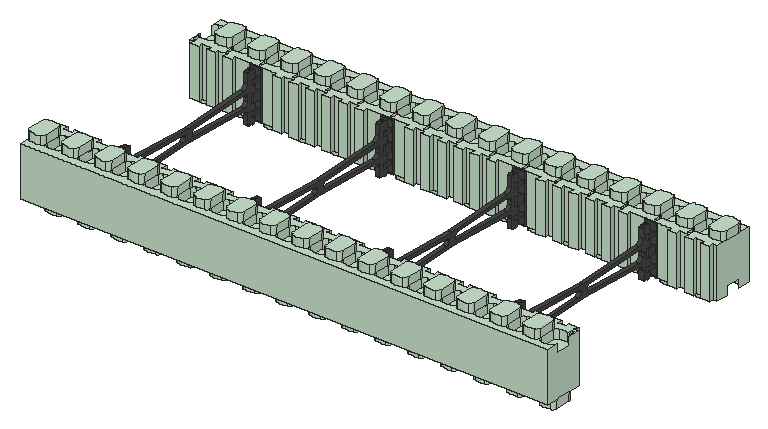
Revit family
Reference planes (in)
  plane 1 "Center (Front/Back)": y = 0
  plane 2: z = 0
  plane 3 "Center (Left/Right)": x = 0
  plane 4: y = 2.625
  plane 5: x = 32
  plane 6: z = 3
  plane 7: y = 12.625
  plane 8: y = 15.25
Forms (in)
  Extrusion 1, solid, material "NUDURA Expanded Polystyrene Foam Insulation"
    sketch origin (0, 0, 0) x (1, 0, 0) y (0, 1, 0)
      loop
        line (0, 2.375) -> (0, 0) -> (32, 0) -> (32, 2.375) -> (31.71883, 2.375) -> (31.78117, 2.625) -> (31.21883, 2.625) -> (31.28117, 2.375) -> (30.71883, 2.375) -> (30.78117, 2.625) -> (30.21883, 2.625) -> (30.28117, 2.375) -> (29.71883, 2.375) -> (29.78117, 2.625) -> (29.21883, 2.625) -> (29.28117, 2.375) -> (26.71883, 2.375) -> (26.78117, 2.625) -> (26.21883, 2.625) -> (26.28117, 2.375) -> (25.71883, 2.375) -> (25.78117, 2.625) -> (25.21883, 2.625) -> (25.28117, 2.375) -> (24.71883, 2.375) -> (24.78117, 2.625) -> (24.21883, 2.625) -> (24.28117, 2.375) -> (23.71883, 2.375) -> (23.78117, 2.625) -> (23.21883, 2.625) -> (23.28117, 2.375) -> (22.71883, 2.375) -> (22.78117, 2.625) -> (22.21883, 2.625) -> (22.28117, 2.375) -> (21.71883, 2.375) -> (21.78117, 2.625) -> (21.21883, 2.625) -> (21.28117, 2.375) -> (18.71883, 2.375) -> (18.78117, 2.625) -> (18.21883, 2.625) -> (18.28117, 2.375) -> (17.71883, 2.375) -> (17.78117, 2.625) -> (17.21883, 2.625) -> (17.28117, 2.375) -> (16.71883, 2.375) -> (16.78117, 2.625) -> (16.21883, 2.625) -> (16.28117, 2.375) -> (15.71883, 2.375) -> (15.78117, 2.625) -> (15.21883, 2.625) -> (15.28117, 2.375) -> (14.71883, 2.375) -> (14.78117, 2.625) -> (14.21883, 2.625) -> (14.28117, 2.375) -> (13.71883, 2.375) -> (13.78117, 2.625) -> (13.21883, 2.625) -> (13.28117, 2.375) -> (10.71883, 2.375) -> (10.78117, 2.625) -> (10.21883, 2.625) -> (10.28117, 2.375) -> (9.71883, 2.375) -> (9.78117, 2.625) -> (9.21883, 2.625) -> (9.28117, 2.375) -> (8.71883, 2.375) -> (8.78117, 2.625) -> (8.21883, 2.625) -> (8.28117, 2.375) -> (7.71883, 2.375) -> (7.78117, 2.625) -> (7.21883, 2.625) -> (7.28117, 2.375) -> (6.71883, 2.375) -> (6.78117, 2.625) -> (6.21883, 2.625) -> (6.28117, 2.375) -> (5.71883, 2.375) -> (5.78117, 2.625) -> (5.21883, 2.625) -> (5.28117, 2.375) -> (2.71883, 2.375) -> (2.78117, 2.625) -> (2.21883, 2.625) -> (2.28117, 2.375) -> (1.71883, 2.375) -> (1.78117, 2.625) -> (1.21883, 2.625) -> (1.28117, 2.375) -> (0.71883, 2.375) -> (0.78117, 2.625) -> (0.21883, 2.625) -> (0.28117, 2.375) -> (0, 2.375)
      loop
        line (0, 12.875) -> (0.28117, 12.875) -> (0.21883, 12.625) -> (0.78117, 12.625) -> (0.71883, 12.875) -> (1.28117, 12.875) -> (1.21883, 12.625) -> (1.78117, 12.625) -> (1.71883, 12.875) -> (2.28117, 12.875) -> (2.21883, 12.625) -> (2.78117, 12.625) -> (2.71883, 12.875) -> (5.28117, 12.875) -> (5.21883, 12.625) -> (5.78117, 12.625) -> (5.71883, 12.875) -> (6.28117, 12.875) -> (6.21883, 12.625) -> (6.78117, 12.625) -> (6.71883, 12.875) -> (7.28117, 12.875) -> (7.21883, 12.625) -> (7.78117, 12.625) -> (7.71883, 12.875) -> (8.28117, 12.875) -> (8.21883, 12.625) -> (8.78117, 12.625) -> (8.71883, 12.875) -> (9.28117, 12.875) -> (9.21883, 12.625) -> (9.78117, 12.625) -> (9.71883, 12.875) -> (10.28117, 12.875) -> (10.21883, 12.625) -> (10.78117, 12.625) -> (10.71883, 12.875) -> (13.28117, 12.875) -> (13.21883, 12.625) -> (13.78117, 12.625) -> (13.71883, 12.875) -> (14.28117, 12.875) -> (14.21883, 12.625) -> (14.78117, 12.625) -> (14.71883, 12.875) -> (15.28117, 12.875) -> (15.21883, 12.625) -> (15.78117, 12.625) -> (15.71883, 12.875) -> (16.28117, 12.875) -> (16.21883, 12.625) -> (16.78117, 12.625) -> (16.71883, 12.875) -> (17.28117, 12.875) -> (17.21883, 12.625) -> (17.78117, 12.625) -> (17.71883, 12.875) -> (18.28117, 12.875) -> (18.21883, 12.625) -> (18.78117, 12.625) -> (18.71883, 12.875) -> (21.28117, 12.875) -> (21.21883, 12.625) -> (21.78117, 12.625) -> (21.71883, 12.875) -> (22.28117, 12.875) -> (22.21883, 12.625) -> (22.78117, 12.625) -> (22.71883, 12.875) -> (23.28117, 12.875) -> (23.21883, 12.625) -> (23.78117, 12.625) -> (23.71883, 12.875) -> (24.28117, 12.875) -> (24.21883, 12.625) -> (24.78117, 12.625) -> (24.71883, 12.875) -> (25.28117, 12.875) -> (25.21883, 12.625) -> (25.78117, 12.625) -> (25.71883, 12.875) -> (26.28117, 12.875) -> (26.21883, 12.625) -> (26.78117, 12.625) -> (26.71883, 12.875) -> (29.28117, 12.875) -> (29.21883, 12.625) -> (29.78117, 12.625) -> (29.71883, 12.875) -> (30.28117, 12.875) -> (30.21883, 12.625) -> (30.78117, 12.625) -> (30.71883, 12.875) -> (31.28117, 12.875) -> (31.21883, 12.625) -> (31.78117, 12.625) -> (31.71883, 12.875) -> (32, 12.875) -> (32, 15.25) -> (0, 15.25) -> (0, 12.875)
    from 0 to 3
  Extrusion 2, void
    sketch origin (0, 0, 0) x (1, 0, 0) y (0, 1, 0)
      loop
        line (1.74592, 2.20655) -> (1.74592, 1.98495)
        arc (1.74592, 1.98495) -> (1.72385, 1.93729) -> (1.67323, 1.92328) r 0.0625
        arc (1.67323, 1.92328) -> (1.42092, 1.93455) -> (1.17308, 1.88595) r 1.0625
        arc (1.17308, 1.88595) -> (1.04785, 1.79517) -> (1, 1.64808) r 0.25
        line (1, 1.64808) -> (1, 0.72692)
        arc (1, 0.72692) -> (1.04785, 0.57983) -> (1.17308, 0.48905) r 0.25
        arc (1.17308, 0.48905) -> (1.5, 0.4375) -> (1.82692, 0.48905) r 1.0625
        arc (1.82692, 0.48905) -> (1.95215, 0.57983) -> (2, 0.72692) r 0.25
        line (2, 0.72692) -> (2, 1.64808)
        arc (2, 1.64808) -> (1.98276, 1.73932) -> (1.9334, 1.81798) r 0.25
        arc (1.9334, 1.81798) -> (1.92106, 1.83764) -> (1.91675, 1.86045) r 0.0625
        line (1.91675, 1.86045) -> (1.91675, 2.20655) -> (1.74592, 2.20655)
    from 3 to 2.5
  Extrusion 3, void
    sketch origin (2, 0, 0) x (1, 0, 0) y (0, 1, 0)
      loop
        line (1.74592, 2.20655) -> (1.74592, 1.98495)
        arc (1.74592, 1.98495) -> (1.72385, 1.93729) -> (1.67323, 1.92328) r 0.0625
        arc (1.67323, 1.92328) -> (1.42092, 1.93455) -> (1.17308, 1.88595) r 1.0625
        arc (1.17308, 1.88595) -> (1.04785, 1.79517) -> (1, 1.64808) r 0.25
        line (1, 1.64808) -> (1, 0.72692)
        arc (1, 0.72692) -> (1.04785, 0.57983) -> (1.17308, 0.48905) r 0.25
        arc (1.17308, 0.48905) -> (1.5, 0.4375) -> (1.82692, 0.48905) r 1.0625
        arc (1.82692, 0.48905) -> (1.95215, 0.57983) -> (2, 0.72692) r 0.25
        line (2, 0.72692) -> (2, 1.64808)
        arc (2, 1.64808) -> (1.98276, 1.73932) -> (1.9334, 1.81798) r 0.25
        arc (1.9334, 1.81798) -> (1.92106, 1.83764) -> (1.91675, 1.86045) r 0.0625
        line (1.91675, 1.86045) -> (1.91675, 2.20655) -> (1.74592, 2.20655)
    from 3 to 2.5
  Extrusion 4, void
    sketch origin (4, 0, 0) x (1, 0, 0) y (0, 1, 0)
      loop
        line (1.74592, 2.20655) -> (1.74592, 1.98495)
        arc (1.74592, 1.98495) -> (1.72385, 1.93729) -> (1.67323, 1.92328) r 0.0625
        arc (1.67323, 1.92328) -> (1.42092, 1.93455) -> (1.17308, 1.88595) r 1.0625
        arc (1.17308, 1.88595) -> (1.04785, 1.79517) -> (1, 1.64808) r 0.25
        line (1, 1.64808) -> (1, 0.72692)
        arc (1, 0.72692) -> (1.04785, 0.57983) -> (1.17308, 0.48905) r 0.25
        arc (1.17308, 0.48905) -> (1.5, 0.4375) -> (1.82692, 0.48905) r 1.0625
        arc (1.82692, 0.48905) -> (1.95215, 0.57983) -> (2, 0.72692) r 0.25
        line (2, 0.72692) -> (2, 1.64808)
        arc (2, 1.64808) -> (1.98276, 1.73932) -> (1.9334, 1.81798) r 0.25
        arc (1.9334, 1.81798) -> (1.92106, 1.83764) -> (1.91675, 1.86045) r 0.0625
        line (1.91675, 1.86045) -> (1.91675, 2.20655) -> (1.74592, 2.20655)
    from 3 to 2.5
  Extrusion 5, void
    sketch origin (6, 0, 0) x (1, 0, 0) y (0, 1, 0)
      loop
        line (1.74592, 2.20655) -> (1.74592, 1.98495)
        arc (1.74592, 1.98495) -> (1.72385, 1.93729) -> (1.67323, 1.92328) r 0.0625
        arc (1.67323, 1.92328) -> (1.42092, 1.93455) -> (1.17308, 1.88595) r 1.0625
        arc (1.17308, 1.88595) -> (1.04785, 1.79517) -> (1, 1.64808) r 0.25
        line (1, 1.64808) -> (1, 0.72692)
        arc (1, 0.72692) -> (1.04785, 0.57983) -> (1.17308, 0.48905) r 0.25
        arc (1.17308, 0.48905) -> (1.5, 0.4375) -> (1.82692, 0.48905) r 1.0625
        arc (1.82692, 0.48905) -> (1.95215, 0.57983) -> (2, 0.72692) r 0.25
        line (2, 0.72692) -> (2, 1.64808)
        arc (2, 1.64808) -> (1.98276, 1.73932) -> (1.9334, 1.81798) r 0.25
        arc (1.9334, 1.81798) -> (1.92106, 1.83764) -> (1.91675, 1.86045) r 0.0625
        line (1.91675, 1.86045) -> (1.91675, 2.20655) -> (1.74592, 2.20655)
    from 3 to 2.5
  Extrusion 6, void
    sketch origin (8, 0, 0) x (1, 0, 0) y (0, 1, 0)
      loop
        line (1.74592, 2.20655) -> (1.74592, 1.98495)
        arc (1.74592, 1.98495) -> (1.72385, 1.93729) -> (1.67323, 1.92328) r 0.0625
        arc (1.67323, 1.92328) -> (1.42092, 1.93455) -> (1.17308, 1.88595) r 1.0625
        arc (1.17308, 1.88595) -> (1.04785, 1.79517) -> (1, 1.64808) r 0.25
        line (1, 1.64808) -> (1, 0.72692)
        arc (1, 0.72692) -> (1.04785, 0.57983) -> (1.17308, 0.48905) r 0.25
        arc (1.17308, 0.48905) -> (1.5, 0.4375) -> (1.82692, 0.48905) r 1.0625
        arc (1.82692, 0.48905) -> (1.95215, 0.57983) -> (2, 0.72692) r 0.25
        line (2, 0.72692) -> (2, 1.64808)
        arc (2, 1.64808) -> (1.98276, 1.73932) -> (1.9334, 1.81798) r 0.25
        arc (1.9334, 1.81798) -> (1.92106, 1.83764) -> (1.91675, 1.86045) r 0.0625
        line (1.91675, 1.86045) -> (1.91675, 2.20655) -> (1.74592, 2.20655)
    from 3 to 2.5
  Extrusion 7, void
    sketch origin (10, 0, 0) x (1, 0, 0) y (0, 1, 0)
      loop
        line (1.74592, 2.20655) -> (1.74592, 1.98495)
        arc (1.74592, 1.98495) -> (1.72385, 1.93729) -> (1.67323, 1.92328) r 0.0625
        arc (1.67323, 1.92328) -> (1.42092, 1.93455) -> (1.17308, 1.88595) r 1.0625
        arc (1.17308, 1.88595) -> (1.04785, 1.79517) -> (1, 1.64808) r 0.25
        line (1, 1.64808) -> (1, 0.72692)
        arc (1, 0.72692) -> (1.04785, 0.57983) -> (1.17308, 0.48905) r 0.25
        arc (1.17308, 0.48905) -> (1.5, 0.4375) -> (1.82692, 0.48905) r 1.0625
        arc (1.82692, 0.48905) -> (1.95215, 0.57983) -> (2, 0.72692) r 0.25
        line (2, 0.72692) -> (2, 1.64808)
        arc (2, 1.64808) -> (1.98276, 1.73932) -> (1.9334, 1.81798) r 0.25
        arc (1.9334, 1.81798) -> (1.92106, 1.83764) -> (1.91675, 1.86045) r 0.0625
        line (1.91675, 1.86045) -> (1.91675, 2.20655) -> (1.74592, 2.20655)
    from 3 to 2.5
  Extrusion 8, void
    sketch origin (12, 0, 0) x (1, 0, 0) y (0, 1, 0)
      loop
        line (1.74592, 2.20655) -> (1.74592, 1.98495)
        arc (1.74592, 1.98495) -> (1.72385, 1.93729) -> (1.67323, 1.92328) r 0.0625
        arc (1.67323, 1.92328) -> (1.42092, 1.93455) -> (1.17308, 1.88595) r 1.0625
        arc (1.17308, 1.88595) -> (1.04785, 1.79517) -> (1, 1.64808) r 0.25
        line (1, 1.64808) -> (1, 0.72692)
        arc (1, 0.72692) -> (1.04785, 0.57983) -> (1.17308, 0.48905) r 0.25
        arc (1.17308, 0.48905) -> (1.5, 0.4375) -> (1.82692, 0.48905) r 1.0625
        arc (1.82692, 0.48905) -> (1.95215, 0.57983) -> (2, 0.72692) r 0.25
        line (2, 0.72692) -> (2, 1.64808)
        arc (2, 1.64808) -> (1.98276, 1.73932) -> (1.9334, 1.81798) r 0.25
        arc (1.9334, 1.81798) -> (1.92106, 1.83764) -> (1.91675, 1.86045) r 0.0625
        line (1.91675, 1.86045) -> (1.91675, 2.20655) -> (1.74592, 2.20655)
    from 3 to 2.5
  Extrusion 9, void
    sketch origin (14, 0, 0) x (1, 0, 0) y (0, 1, 0)
      loop
        line (1.74592, 2.20655) -> (1.74592, 1.98495)
        arc (1.74592, 1.98495) -> (1.72385, 1.93729) -> (1.67323, 1.92328) r 0.0625
        arc (1.67323, 1.92328) -> (1.42092, 1.93455) -> (1.17308, 1.88595) r 1.0625
        arc (1.17308, 1.88595) -> (1.04785, 1.79517) -> (1, 1.64808) r 0.25
        line (1, 1.64808) -> (1, 0.72692)
        arc (1, 0.72692) -> (1.04785, 0.57983) -> (1.17308, 0.48905) r 0.25
        arc (1.17308, 0.48905) -> (1.5, 0.4375) -> (1.82692, 0.48905) r 1.0625
        arc (1.82692, 0.48905) -> (1.95215, 0.57983) -> (2, 0.72692) r 0.25
        line (2, 0.72692) -> (2, 1.64808)
        arc (2, 1.64808) -> (1.98276, 1.73932) -> (1.9334, 1.81798) r 0.25
        arc (1.9334, 1.81798) -> (1.92106, 1.83764) -> (1.91675, 1.86045) r 0.0625
        line (1.91675, 1.86045) -> (1.91675, 2.20655) -> (1.74592, 2.20655)
    from 3 to 2.5
  Extrusion 10, void
    sketch origin (16, 0, 0) x (1, 0, 0) y (0, 1, 0)
      loop
        line (1.74592, 2.20655) -> (1.74592, 1.98495)
        arc (1.74592, 1.98495) -> (1.72385, 1.93729) -> (1.67323, 1.92328) r 0.0625
        arc (1.67323, 1.92328) -> (1.42092, 1.93455) -> (1.17308, 1.88595) r 1.0625
        arc (1.17308, 1.88595) -> (1.04785, 1.79517) -> (1, 1.64808) r 0.25
        line (1, 1.64808) -> (1, 0.72692)
        arc (1, 0.72692) -> (1.04785, 0.57983) -> (1.17308, 0.48905) r 0.25
        arc (1.17308, 0.48905) -> (1.5, 0.4375) -> (1.82692, 0.48905) r 1.0625
        arc (1.82692, 0.48905) -> (1.95215, 0.57983) -> (2, 0.72692) r 0.25
        line (2, 0.72692) -> (2, 1.64808)
        arc (2, 1.64808) -> (1.98276, 1.73932) -> (1.9334, 1.81798) r 0.25
        arc (1.9334, 1.81798) -> (1.92106, 1.83764) -> (1.91675, 1.86045) r 0.0625
        line (1.91675, 1.86045) -> (1.91675, 2.20655) -> (1.74592, 2.20655)
    from 3 to 2.5
  Extrusion 11, void
    sketch origin (18, 0, 0) x (1, 0, 0) y (0, 1, 0)
      loop
        line (1.74592, 2.20655) -> (1.74592, 1.98495)
        arc (1.74592, 1.98495) -> (1.72385, 1.93729) -> (1.67323, 1.92328) r 0.0625
        arc (1.67323, 1.92328) -> (1.42092, 1.93455) -> (1.17308, 1.88595) r 1.0625
        arc (1.17308, 1.88595) -> (1.04785, 1.79517) -> (1, 1.64808) r 0.25
        line (1, 1.64808) -> (1, 0.72692)
        arc (1, 0.72692) -> (1.04785, 0.57983) -> (1.17308, 0.48905) r 0.25
        arc (1.17308, 0.48905) -> (1.5, 0.4375) -> (1.82692, 0.48905) r 1.0625
        arc (1.82692, 0.48905) -> (1.95215, 0.57983) -> (2, 0.72692) r 0.25
        line (2, 0.72692) -> (2, 1.64808)
        arc (2, 1.64808) -> (1.98276, 1.73932) -> (1.9334, 1.81798) r 0.25
        arc (1.9334, 1.81798) -> (1.92106, 1.83764) -> (1.91675, 1.86045) r 0.0625
        line (1.91675, 1.86045) -> (1.91675, 2.20655) -> (1.74592, 2.20655)
    from 3 to 2.5
  Extrusion 12, void
    sketch origin (20, 0, 0) x (1, 0, 0) y (0, 1, 0)
      loop
        line (1.74592, 2.20655) -> (1.74592, 1.98495)
        arc (1.74592, 1.98495) -> (1.72385, 1.93729) -> (1.67323, 1.92328) r 0.0625
        arc (1.67323, 1.92328) -> (1.42092, 1.93455) -> (1.17308, 1.88595) r 1.0625
        arc (1.17308, 1.88595) -> (1.04785, 1.79517) -> (1, 1.64808) r 0.25
        line (1, 1.64808) -> (1, 0.72692)
        arc (1, 0.72692) -> (1.04785, 0.57983) -> (1.17308, 0.48905) r 0.25
        arc (1.17308, 0.48905) -> (1.5, 0.4375) -> (1.82692, 0.48905) r 1.0625
        arc (1.82692, 0.48905) -> (1.95215, 0.57983) -> (2, 0.72692) r 0.25
        line (2, 0.72692) -> (2, 1.64808)
        arc (2, 1.64808) -> (1.98276, 1.73932) -> (1.9334, 1.81798) r 0.25
        arc (1.9334, 1.81798) -> (1.92106, 1.83764) -> (1.91675, 1.86045) r 0.0625
        line (1.91675, 1.86045) -> (1.91675, 2.20655) -> (1.74592, 2.20655)
    from 3 to 2.5
  Extrusion 13, void
    sketch origin (22, 0, 0) x (1, 0, 0) y (0, 1, 0)
      loop
        line (1.74592, 2.20655) -> (1.74592, 1.98495)
        arc (1.74592, 1.98495) -> (1.72385, 1.93729) -> (1.67323, 1.92328) r 0.0625
        arc (1.67323, 1.92328) -> (1.42092, 1.93455) -> (1.17308, 1.88595) r 1.0625
        arc (1.17308, 1.88595) -> (1.04785, 1.79517) -> (1, 1.64808) r 0.25
        line (1, 1.64808) -> (1, 0.72692)
        arc (1, 0.72692) -> (1.04785, 0.57983) -> (1.17308, 0.48905) r 0.25
        arc (1.17308, 0.48905) -> (1.5, 0.4375) -> (1.82692, 0.48905) r 1.0625
        arc (1.82692, 0.48905) -> (1.95215, 0.57983) -> (2, 0.72692) r 0.25
        line (2, 0.72692) -> (2, 1.64808)
        arc (2, 1.64808) -> (1.98276, 1.73932) -> (1.9334, 1.81798) r 0.25
        arc (1.9334, 1.81798) -> (1.92106, 1.83764) -> (1.91675, 1.86045) r 0.0625
        line (1.91675, 1.86045) -> (1.91675, 2.20655) -> (1.74592, 2.20655)
    from 3 to 2.5
  Extrusion 14, void
    sketch origin (24, 0, 0) x (1, 0, 0) y (0, 1, 0)
      loop
        line (1.74592, 2.20655) -> (1.74592, 1.98495)
        arc (1.74592, 1.98495) -> (1.72385, 1.93729) -> (1.67323, 1.92328) r 0.0625
        arc (1.67323, 1.92328) -> (1.42092, 1.93455) -> (1.17308, 1.88595) r 1.0625
        arc (1.17308, 1.88595) -> (1.04785, 1.79517) -> (1, 1.64808) r 0.25
        line (1, 1.64808) -> (1, 0.72692)
        arc (1, 0.72692) -> (1.04785, 0.57983) -> (1.17308, 0.48905) r 0.25
        arc (1.17308, 0.48905) -> (1.5, 0.4375) -> (1.82692, 0.48905) r 1.0625
        arc (1.82692, 0.48905) -> (1.95215, 0.57983) -> (2, 0.72692) r 0.25
        line (2, 0.72692) -> (2, 1.64808)
        arc (2, 1.64808) -> (1.98276, 1.73932) -> (1.9334, 1.81798) r 0.25
        arc (1.9334, 1.81798) -> (1.92106, 1.83764) -> (1.91675, 1.86045) r 0.0625
        line (1.91675, 1.86045) -> (1.91675, 2.20655) -> (1.74592, 2.20655)
    from 3 to 2.5
  Extrusion 15, void
    sketch origin (26, 0, 0) x (1, 0, 0) y (0, 1, 0)
      loop
        line (1.74592, 2.20655) -> (1.74592, 1.98495)
        arc (1.74592, 1.98495) -> (1.72385, 1.93729) -> (1.67323, 1.92328) r 0.0625
        arc (1.67323, 1.92328) -> (1.42092, 1.93455) -> (1.17308, 1.88595) r 1.0625
        arc (1.17308, 1.88595) -> (1.04785, 1.79517) -> (1, 1.64808) r 0.25
        line (1, 1.64808) -> (1, 0.72692)
        arc (1, 0.72692) -> (1.04785, 0.57983) -> (1.17308, 0.48905) r 0.25
        arc (1.17308, 0.48905) -> (1.5, 0.4375) -> (1.82692, 0.48905) r 1.0625
        arc (1.82692, 0.48905) -> (1.95215, 0.57983) -> (2, 0.72692) r 0.25
        line (2, 0.72692) -> (2, 1.64808)
        arc (2, 1.64808) -> (1.98276, 1.73932) -> (1.9334, 1.81798) r 0.25
        arc (1.9334, 1.81798) -> (1.92106, 1.83764) -> (1.91675, 1.86045) r 0.0625
        line (1.91675, 1.86045) -> (1.91675, 2.20655) -> (1.74592, 2.20655)
    from 3 to 2.5
  Extrusion 16, void
    sketch origin (28, 0, 0) x (1, 0, 0) y (0, 1, 0)
      loop
        line (1.74592, 2.20655) -> (1.74592, 1.98495)
        arc (1.74592, 1.98495) -> (1.72385, 1.93729) -> (1.67323, 1.92328) r 0.0625
        arc (1.67323, 1.92328) -> (1.42092, 1.93455) -> (1.17308, 1.88595) r 1.0625
        arc (1.17308, 1.88595) -> (1.04785, 1.79517) -> (1, 1.64808) r 0.25
        line (1, 1.64808) -> (1, 0.72692)
        arc (1, 0.72692) -> (1.04785, 0.57983) -> (1.17308, 0.48905) r 0.25
        arc (1.17308, 0.48905) -> (1.5, 0.4375) -> (1.82692, 0.48905) r 1.0625
        arc (1.82692, 0.48905) -> (1.95215, 0.57983) -> (2, 0.72692) r 0.25
        line (2, 0.72692) -> (2, 1.64808)
        arc (2, 1.64808) -> (1.98276, 1.73932) -> (1.9334, 1.81798) r 0.25
        arc (1.9334, 1.81798) -> (1.92106, 1.83764) -> (1.91675, 1.86045) r 0.0625
        line (1.91675, 1.86045) -> (1.91675, 2.20655) -> (1.74592, 2.20655)
    from 3 to 2.5
  Extrusion 17, void
    sketch origin (30, 0, 0) x (1, 0, 0) y (0, 1, 0)
      loop
        line (1.74592, 2.20655) -> (1.74592, 1.98495)
        arc (1.74592, 1.98495) -> (1.72385, 1.93729) -> (1.67323, 1.92328) r 0.0625
        arc (1.67323, 1.92328) -> (1.42092, 1.93455) -> (1.17308, 1.88595) r 1.0625
        arc (1.17308, 1.88595) -> (1.04785, 1.79517) -> (1, 1.64808) r 0.25
        line (1, 1.64808) -> (1, 0.72692)
        arc (1, 0.72692) -> (1.04785, 0.57983) -> (1.17308, 0.48905) r 0.25
        arc (1.17308, 0.48905) -> (1.5, 0.4375) -> (1.82692, 0.48905) r 1.0625
        arc (1.82692, 0.48905) -> (1.95215, 0.57983) -> (2, 0.72692) r 0.25
        line (2, 0.72692) -> (2, 1.64808)
        arc (2, 1.64808) -> (1.98276, 1.73932) -> (1.9334, 1.81798) r 0.25
        arc (1.9334, 1.81798) -> (1.92106, 1.83764) -> (1.91675, 1.86045) r 0.0625
        line (1.91675, 1.86045) -> (1.91675, 2.20655) -> (1.74592, 2.20655)
    from 3 to 2.5
  Extrusion 18, void
    sketch origin (0, 0, 0) x (1, 0, 0) y (0, 1, 0)
      loop
        line (0.25408, 2.20655) -> (0.08325, 2.20655) -> (0.08325, 1.86045)
        arc (0.08325, 1.86045) -> (0.07894, 1.83764) -> (0.0666, 1.81798) r 0.0625
        arc (0.0666, 1.81798) -> (0.01724, 1.73932) -> (0, 1.64808) r 0.25
        line (0, 1.64808) -> (0, 0.72692)
        arc (0, 0.72692) -> (0.04785, 0.57983) -> (0.17308, 0.48905) r 0.25
        arc (0.17308, 0.48905) -> (0.5, 0.4375) -> (0.82692, 0.48905) r 1.0625
        arc (0.82692, 0.48905) -> (0.95215, 0.57983) -> (1, 0.72692) r 0.25
        line (1, 0.72692) -> (1, 1.64808)
        arc (1, 1.64808) -> (0.95215, 1.79517) -> (0.82692, 1.88595) r 0.25
        arc (0.82692, 1.88595) -> (0.57908, 1.93455) -> (0.32677, 1.92328) r 1.0625
        arc (0.32677, 1.92328) -> (0.27615, 1.93729) -> (0.25408, 1.98495) r 0.0625
        line (0.25408, 1.98495) -> (0.25408, 2.20655)
    from 0 to 0.5
  Extrusion 19, void
    sketch origin (2, 0, 0) x (1, 0, 0) y (0, 1, 0)
      loop
        line (0.25408, 2.20655) -> (0.08325, 2.20655) -> (0.08325, 1.86045)
        arc (0.08325, 1.86045) -> (0.07894, 1.83764) -> (0.0666, 1.81798) r 0.0625
        arc (0.0666, 1.81798) -> (0.01724, 1.73932) -> (0, 1.64808) r 0.25
        line (0, 1.64808) -> (0, 0.72692)
        arc (0, 0.72692) -> (0.04785, 0.57983) -> (0.17308, 0.48905) r 0.25
        arc (0.17308, 0.48905) -> (0.5, 0.4375) -> (0.82692, 0.48905) r 1.0625
        arc (0.82692, 0.48905) -> (0.95215, 0.57983) -> (1, 0.72692) r 0.25
        line (1, 0.72692) -> (1, 1.64808)
        arc (1, 1.64808) -> (0.95215, 1.79517) -> (0.82692, 1.88595) r 0.25
        arc (0.82692, 1.88595) -> (0.57908, 1.93455) -> (0.32677, 1.92328) r 1.0625
        arc (0.32677, 1.92328) -> (0.27615, 1.93729) -> (0.25408, 1.98495) r 0.0625
        line (0.25408, 1.98495) -> (0.25408, 2.20655)
    from 0 to 0.5
  Extrusion 20, void
    sketch origin (4, 0, 0) x (1, 0, 0) y (0, 1, 0)
      loop
        line (0.25408, 2.20655) -> (0.08325, 2.20655) -> (0.08325, 1.86045)
        arc (0.08325, 1.86045) -> (0.07894, 1.83764) -> (0.0666, 1.81798) r 0.0625
        arc (0.0666, 1.81798) -> (0.01724, 1.73932) -> (0, 1.64808) r 0.25
        line (0, 1.64808) -> (0, 0.72692)
        arc (0, 0.72692) -> (0.04785, 0.57983) -> (0.17308, 0.48905) r 0.25
        arc (0.17308, 0.48905) -> (0.5, 0.4375) -> (0.82692, 0.48905) r 1.0625
        arc (0.82692, 0.48905) -> (0.95215, 0.57983) -> (1, 0.72692) r 0.25
        line (1, 0.72692) -> (1, 1.64808)
        arc (1, 1.64808) -> (0.95215, 1.79517) -> (0.82692, 1.88595) r 0.25
        arc (0.82692, 1.88595) -> (0.57908, 1.93455) -> (0.32677, 1.92328) r 1.0625
        arc (0.32677, 1.92328) -> (0.27615, 1.93729) -> (0.25408, 1.98495) r 0.0625
        line (0.25408, 1.98495) -> (0.25408, 2.20655)
    from 0 to 0.5
  Extrusion 21, void
    sketch origin (6, 0, 0) x (1, 0, 0) y (0, 1, 0)
      loop
        line (0.25408, 2.20655) -> (0.08325, 2.20655) -> (0.08325, 1.86045)
        arc (0.08325, 1.86045) -> (0.07894, 1.83764) -> (0.0666, 1.81798) r 0.0625
        arc (0.0666, 1.81798) -> (0.01724, 1.73932) -> (0, 1.64808) r 0.25
        line (0, 1.64808) -> (0, 0.72692)
        arc (0, 0.72692) -> (0.04785, 0.57983) -> (0.17308, 0.48905) r 0.25
        arc (0.17308, 0.48905) -> (0.5, 0.4375) -> (0.82692, 0.48905) r 1.0625
        arc (0.82692, 0.48905) -> (0.95215, 0.57983) -> (1, 0.72692) r 0.25
        line (1, 0.72692) -> (1, 1.64808)
        arc (1, 1.64808) -> (0.95215, 1.79517) -> (0.82692, 1.88595) r 0.25
        arc (0.82692, 1.88595) -> (0.57908, 1.93455) -> (0.32677, 1.92328) r 1.0625
        arc (0.32677, 1.92328) -> (0.27615, 1.93729) -> (0.25408, 1.98495) r 0.0625
        line (0.25408, 1.98495) -> (0.25408, 2.20655)
    from 0 to 0.5
  Extrusion 22, void
    sketch origin (8, 0, 0) x (1, 0, 0) y (0, 1, 0)
      loop
        line (0.25408, 2.20655) -> (0.08325, 2.20655) -> (0.08325, 1.86045)
        arc (0.08325, 1.86045) -> (0.07894, 1.83764) -> (0.0666, 1.81798) r 0.0625
        arc (0.0666, 1.81798) -> (0.01724, 1.73932) -> (0, 1.64808) r 0.25
        line (0, 1.64808) -> (0, 0.72692)
        arc (0, 0.72692) -> (0.04785, 0.57983) -> (0.17308, 0.48905) r 0.25
        arc (0.17308, 0.48905) -> (0.5, 0.4375) -> (0.82692, 0.48905) r 1.0625
        arc (0.82692, 0.48905) -> (0.95215, 0.57983) -> (1, 0.72692) r 0.25
        line (1, 0.72692) -> (1, 1.64808)
        arc (1, 1.64808) -> (0.95215, 1.79517) -> (0.82692, 1.88595) r 0.25
        arc (0.82692, 1.88595) -> (0.57908, 1.93455) -> (0.32677, 1.92328) r 1.0625
        arc (0.32677, 1.92328) -> (0.27615, 1.93729) -> (0.25408, 1.98495) r 0.0625
        line (0.25408, 1.98495) -> (0.25408, 2.20655)
    from 0 to 0.5
  Extrusion 23, void
    sketch origin (10, 0, 0) x (1, 0, 0) y (0, 1, 0)
      loop
        line (0.25408, 2.20655) -> (0.08325, 2.20655) -> (0.08325, 1.86045)
        arc (0.08325, 1.86045) -> (0.07894, 1.83764) -> (0.0666, 1.81798) r 0.0625
        arc (0.0666, 1.81798) -> (0.01724, 1.73932) -> (0, 1.64808) r 0.25
        line (0, 1.64808) -> (0, 0.72692)
        arc (0, 0.72692) -> (0.04785, 0.57983) -> (0.17308, 0.48905) r 0.25
        arc (0.17308, 0.48905) -> (0.5, 0.4375) -> (0.82692, 0.48905) r 1.0625
        arc (0.82692, 0.48905) -> (0.95215, 0.57983) -> (1, 0.72692) r 0.25
        line (1, 0.72692) -> (1, 1.64808)
        arc (1, 1.64808) -> (0.95215, 1.79517) -> (0.82692, 1.88595) r 0.25
        arc (0.82692, 1.88595) -> (0.57908, 1.93455) -> (0.32677, 1.92328) r 1.0625
        arc (0.32677, 1.92328) -> (0.27615, 1.93729) -> (0.25408, 1.98495) r 0.0625
        line (0.25408, 1.98495) -> (0.25408, 2.20655)
    from 0 to 0.5
  Extrusion 24, void
    sketch origin (12, 0, 0) x (1, 0, 0) y (0, 1, 0)
      loop
        line (0.25408, 2.20655) -> (0.08325, 2.20655) -> (0.08325, 1.86045)
        arc (0.08325, 1.86045) -> (0.07894, 1.83764) -> (0.0666, 1.81798) r 0.0625
        arc (0.0666, 1.81798) -> (0.01724, 1.73932) -> (0, 1.64808) r 0.25
        line (0, 1.64808) -> (0, 0.72692)
        arc (0, 0.72692) -> (0.04785, 0.57983) -> (0.17308, 0.48905) r 0.25
        arc (0.17308, 0.48905) -> (0.5, 0.4375) -> (0.82692, 0.48905) r 1.0625
        arc (0.82692, 0.48905) -> (0.95215, 0.57983) -> (1, 0.72692) r 0.25
        line (1, 0.72692) -> (1, 1.64808)
        arc (1, 1.64808) -> (0.95215, 1.79517) -> (0.82692, 1.88595) r 0.25
        arc (0.82692, 1.88595) -> (0.57908, 1.93455) -> (0.32677, 1.92328) r 1.0625
        arc (0.32677, 1.92328) -> (0.27615, 1.93729) -> (0.25408, 1.98495) r 0.0625
        line (0.25408, 1.98495) -> (0.25408, 2.20655)
    from 0 to 0.5
  Extrusion 25, void
    sketch origin (14, 0, 0) x (1, 0, 0) y (0, 1, 0)
      loop
        line (0.25408, 2.20655) -> (0.08325, 2.20655) -> (0.08325, 1.86045)
        arc (0.08325, 1.86045) -> (0.07894, 1.83764) -> (0.0666, 1.81798) r 0.0625
        arc (0.0666, 1.81798) -> (0.01724, 1.73932) -> (0, 1.64808) r 0.25
        line (0, 1.64808) -> (0, 0.72692)
        arc (0, 0.72692) -> (0.04785, 0.57983) -> (0.17308, 0.48905) r 0.25
        arc (0.17308, 0.48905) -> (0.5, 0.4375) -> (0.82692, 0.48905) r 1.0625
        arc (0.82692, 0.48905) -> (0.95215, 0.57983) -> (1, 0.72692) r 0.25
        line (1, 0.72692) -> (1, 1.64808)
        arc (1, 1.64808) -> (0.95215, 1.79517) -> (0.82692, 1.88595) r 0.25
        arc (0.82692, 1.88595) -> (0.57908, 1.93455) -> (0.32677, 1.92328) r 1.0625
        arc (0.32677, 1.92328) -> (0.27615, 1.93729) -> (0.25408, 1.98495) r 0.0625
        line (0.25408, 1.98495) -> (0.25408, 2.20655)
    from 0 to 0.5
  Extrusion 26, void
    sketch origin (16, 0, 0) x (1, 0, 0) y (0, 1, 0)
      loop
        line (0.25408, 2.20655) -> (0.08325, 2.20655) -> (0.08325, 1.86045)
        arc (0.08325, 1.86045) -> (0.07894, 1.83764) -> (0.0666, 1.81798) r 0.0625
        arc (0.0666, 1.81798) -> (0.01724, 1.73932) -> (0, 1.64808) r 0.25
        line (0, 1.64808) -> (0, 0.72692)
        arc (0, 0.72692) -> (0.04785, 0.57983) -> (0.17308, 0.48905) r 0.25
        arc (0.17308, 0.48905) -> (0.5, 0.4375) -> (0.82692, 0.48905) r 1.0625
        arc (0.82692, 0.48905) -> (0.95215, 0.57983) -> (1, 0.72692) r 0.25
        line (1, 0.72692) -> (1, 1.64808)
        arc (1, 1.64808) -> (0.95215, 1.79517) -> (0.82692, 1.88595) r 0.25
        arc (0.82692, 1.88595) -> (0.57908, 1.93455) -> (0.32677, 1.92328) r 1.0625
        arc (0.32677, 1.92328) -> (0.27615, 1.93729) -> (0.25408, 1.98495) r 0.0625
        line (0.25408, 1.98495) -> (0.25408, 2.20655)
    from 0 to 0.5
  Extrusion 27, void
    sketch origin (18, 0, 0) x (1, 0, 0) y (0, 1, 0)
      loop
        line (0.25408, 2.20655) -> (0.08325, 2.20655) -> (0.08325, 1.86045)
        arc (0.08325, 1.86045) -> (0.07894, 1.83764) -> (0.0666, 1.81798) r 0.0625
        arc (0.0666, 1.81798) -> (0.01724, 1.73932) -> (0, 1.64808) r 0.25
        line (0, 1.64808) -> (0, 0.72692)
        arc (0, 0.72692) -> (0.04785, 0.57983) -> (0.17308, 0.48905) r 0.25
        arc (0.17308, 0.48905) -> (0.5, 0.4375) -> (0.82692, 0.48905) r 1.0625
        arc (0.82692, 0.48905) -> (0.95215, 0.57983) -> (1, 0.72692) r 0.25
        line (1, 0.72692) -> (1, 1.64808)
        arc (1, 1.64808) -> (0.95215, 1.79517) -> (0.82692, 1.88595) r 0.25
        arc (0.82692, 1.88595) -> (0.57908, 1.93455) -> (0.32677, 1.92328) r 1.0625
        arc (0.32677, 1.92328) -> (0.27615, 1.93729) -> (0.25408, 1.98495) r 0.0625
        line (0.25408, 1.98495) -> (0.25408, 2.20655)
    from 0 to 0.5
  Extrusion 28, void
    sketch origin (20, 0, 0) x (1, 0, 0) y (0, 1, 0)
      loop
        line (0.25408, 2.20655) -> (0.08325, 2.20655) -> (0.08325, 1.86045)
        arc (0.08325, 1.86045) -> (0.07894, 1.83764) -> (0.0666, 1.81798) r 0.0625
        arc (0.0666, 1.81798) -> (0.01724, 1.73932) -> (0, 1.64808) r 0.25
        line (0, 1.64808) -> (0, 0.72692)
        arc (0, 0.72692) -> (0.04785, 0.57983) -> (0.17308, 0.48905) r 0.25
        arc (0.17308, 0.48905) -> (0.5, 0.4375) -> (0.82692, 0.48905) r 1.0625
        arc (0.82692, 0.48905) -> (0.95215, 0.57983) -> (1, 0.72692) r 0.25
        line (1, 0.72692) -> (1, 1.64808)
        arc (1, 1.64808) -> (0.95215, 1.79517) -> (0.82692, 1.88595) r 0.25
        arc (0.82692, 1.88595) -> (0.57908, 1.93455) -> (0.32677, 1.92328) r 1.0625
        arc (0.32677, 1.92328) -> (0.27615, 1.93729) -> (0.25408, 1.98495) r 0.0625
        line (0.25408, 1.98495) -> (0.25408, 2.20655)
    from 0 to 0.5
  Extrusion 29, void
    sketch origin (22, 0, 0) x (1, 0, 0) y (0, 1, 0)
      loop
        line (0.25408, 2.20655) -> (0.08325, 2.20655) -> (0.08325, 1.86045)
        arc (0.08325, 1.86045) -> (0.07894, 1.83764) -> (0.0666, 1.81798) r 0.0625
        arc (0.0666, 1.81798) -> (0.01724, 1.73932) -> (0, 1.64808) r 0.25
        line (0, 1.64808) -> (0, 0.72692)
        arc (0, 0.72692) -> (0.04785, 0.57983) -> (0.17308, 0.48905) r 0.25
        arc (0.17308, 0.48905) -> (0.5, 0.4375) -> (0.82692, 0.48905) r 1.0625
        arc (0.82692, 0.48905) -> (0.95215, 0.57983) -> (1, 0.72692) r 0.25
        line (1, 0.72692) -> (1, 1.64808)
        arc (1, 1.64808) -> (0.95215, 1.79517) -> (0.82692, 1.88595) r 0.25
        arc (0.82692, 1.88595) -> (0.57908, 1.93455) -> (0.32677, 1.92328) r 1.0625
        arc (0.32677, 1.92328) -> (0.27615, 1.93729) -> (0.25408, 1.98495) r 0.0625
        line (0.25408, 1.98495) -> (0.25408, 2.20655)
    from 0 to 0.5
  Extrusion 30, void
    sketch origin (24, 0, 0) x (1, 0, 0) y (0, 1, 0)
      loop
        line (0.25408, 2.20655) -> (0.08325, 2.20655) -> (0.08325, 1.86045)
        arc (0.08325, 1.86045) -> (0.07894, 1.83764) -> (0.0666, 1.81798) r 0.0625
        arc (0.0666, 1.81798) -> (0.01724, 1.73932) -> (0, 1.64808) r 0.25
        line (0, 1.64808) -> (0, 0.72692)
        arc (0, 0.72692) -> (0.04785, 0.57983) -> (0.17308, 0.48905) r 0.25
        arc (0.17308, 0.48905) -> (0.5, 0.4375) -> (0.82692, 0.48905) r 1.0625
        arc (0.82692, 0.48905) -> (0.95215, 0.57983) -> (1, 0.72692) r 0.25
        line (1, 0.72692) -> (1, 1.64808)
        arc (1, 1.64808) -> (0.95215, 1.79517) -> (0.82692, 1.88595) r 0.25
        arc (0.82692, 1.88595) -> (0.57908, 1.93455) -> (0.32677, 1.92328) r 1.0625
        arc (0.32677, 1.92328) -> (0.27615, 1.93729) -> (0.25408, 1.98495) r 0.0625
        line (0.25408, 1.98495) -> (0.25408, 2.20655)
    from 0 to 0.5
  Extrusion 31, void
    sketch origin (26, 0, 0) x (1, 0, 0) y (0, 1, 0)
      loop
        line (0.25408, 2.20655) -> (0.08325, 2.20655) -> (0.08325, 1.86045)
        arc (0.08325, 1.86045) -> (0.07894, 1.83764) -> (0.0666, 1.81798) r 0.0625
        arc (0.0666, 1.81798) -> (0.01724, 1.73932) -> (0, 1.64808) r 0.25
        line (0, 1.64808) -> (0, 0.72692)
        arc (0, 0.72692) -> (0.04785, 0.57983) -> (0.17308, 0.48905) r 0.25
        arc (0.17308, 0.48905) -> (0.5, 0.4375) -> (0.82692, 0.48905) r 1.0625
        arc (0.82692, 0.48905) -> (0.95215, 0.57983) -> (1, 0.72692) r 0.25
        line (1, 0.72692) -> (1, 1.64808)
        arc (1, 1.64808) -> (0.95215, 1.79517) -> (0.82692, 1.88595) r 0.25
        arc (0.82692, 1.88595) -> (0.57908, 1.93455) -> (0.32677, 1.92328) r 1.0625
        arc (0.32677, 1.92328) -> (0.27615, 1.93729) -> (0.25408, 1.98495) r 0.0625
        line (0.25408, 1.98495) -> (0.25408, 2.20655)
    from 0 to 0.5
  Extrusion 32, void
    sketch origin (28, 0, 0) x (1, 0, 0) y (0, 1, 0)
      loop
        line (0.25408, 2.20655) -> (0.08325, 2.20655) -> (0.08325, 1.86045)
        arc (0.08325, 1.86045) -> (0.07894, 1.83764) -> (0.0666, 1.81798) r 0.0625
        arc (0.0666, 1.81798) -> (0.01724, 1.73932) -> (0, 1.64808) r 0.25
        line (0, 1.64808) -> (0, 0.72692)
        arc (0, 0.72692) -> (0.04785, 0.57983) -> (0.17308, 0.48905) r 0.25
        arc (0.17308, 0.48905) -> (0.5, 0.4375) -> (0.82692, 0.48905) r 1.0625
        arc (0.82692, 0.48905) -> (0.95215, 0.57983) -> (1, 0.72692) r 0.25
        line (1, 0.72692) -> (1, 1.64808)
        arc (1, 1.64808) -> (0.95215, 1.79517) -> (0.82692, 1.88595) r 0.25
        arc (0.82692, 1.88595) -> (0.57908, 1.93455) -> (0.32677, 1.92328) r 1.0625
        arc (0.32677, 1.92328) -> (0.27615, 1.93729) -> (0.25408, 1.98495) r 0.0625
        line (0.25408, 1.98495) -> (0.25408, 2.20655)
    from 0 to 0.5
  Extrusion 33, void
    sketch origin (30, 0, 0) x (1, 0, 0) y (0, 1, 0)
      loop
        line (0.25408, 2.20655) -> (0.08325, 2.20655) -> (0.08325, 1.86045)
        arc (0.08325, 1.86045) -> (0.07894, 1.83764) -> (0.0666, 1.81798) r 0.0625
        arc (0.0666, 1.81798) -> (0.01724, 1.73932) -> (0, 1.64808) r 0.25
        line (0, 1.64808) -> (0, 0.72692)
        arc (0, 0.72692) -> (0.04785, 0.57983) -> (0.17308, 0.48905) r 0.25
        arc (0.17308, 0.48905) -> (0.5, 0.4375) -> (0.82692, 0.48905) r 1.0625
        arc (0.82692, 0.48905) -> (0.95215, 0.57983) -> (1, 0.72692) r 0.25
        line (1, 0.72692) -> (1, 1.64808)
        arc (1, 1.64808) -> (0.95215, 1.79517) -> (0.82692, 1.88595) r 0.25
        arc (0.82692, 1.88595) -> (0.57908, 1.93455) -> (0.32677, 1.92328) r 1.0625
        arc (0.32677, 1.92328) -> (0.27615, 1.93729) -> (0.25408, 1.98495) r 0.0625
        line (0.25408, 1.98495) -> (0.25408, 2.20655)
    from 0 to 0.5
  Extrusion 34, void
    sketch origin (32, 15.25, 0) x (-1, 0, 0) y (0, -1, 0)
      loop
        line (1.74592, 2.20655) -> (1.74592, 1.98495)
        arc (1.74592, 1.98495) -> (1.72385, 1.93729) -> (1.67323, 1.92328) r 0.0625
        arc (1.67323, 1.92328) -> (1.42092, 1.93455) -> (1.17308, 1.88595) r 1.0625
        arc (1.17308, 1.88595) -> (1.04785, 1.79517) -> (1, 1.64808) r 0.25
        line (1, 1.64808) -> (1, 0.72692)
        arc (1, 0.72692) -> (1.04785, 0.57983) -> (1.17308, 0.48905) r 0.25
        arc (1.17308, 0.48905) -> (1.5, 0.4375) -> (1.82692, 0.48905) r 1.0625
        arc (1.82692, 0.48905) -> (1.95215, 0.57983) -> (2, 0.72692) r 0.25
        line (2, 0.72692) -> (2, 1.64808)
        arc (2, 1.64808) -> (1.98276, 1.73932) -> (1.9334, 1.81798) r 0.25
        arc (1.9334, 1.81798) -> (1.92106, 1.83764) -> (1.91675, 1.86045) r 0.0625
        line (1.91675, 1.86045) -> (1.91675, 2.20655) -> (1.74592, 2.20655)
    from 3 to 2.5
  Extrusion 35, void
    sketch origin (30, 15.25, 0) x (-1, 0, 0) y (0, -1, 0)
      loop
        line (1.74592, 2.20655) -> (1.74592, 1.98495)
        arc (1.74592, 1.98495) -> (1.72385, 1.93729) -> (1.67323, 1.92328) r 0.0625
        arc (1.67323, 1.92328) -> (1.42092, 1.93455) -> (1.17308, 1.88595) r 1.0625
        arc (1.17308, 1.88595) -> (1.04785, 1.79517) -> (1, 1.64808) r 0.25
        line (1, 1.64808) -> (1, 0.72692)
        arc (1, 0.72692) -> (1.04785, 0.57983) -> (1.17308, 0.48905) r 0.25
        arc (1.17308, 0.48905) -> (1.5, 0.4375) -> (1.82692, 0.48905) r 1.0625
        arc (1.82692, 0.48905) -> (1.95215, 0.57983) -> (2, 0.72692) r 0.25
        line (2, 0.72692) -> (2, 1.64808)
        arc (2, 1.64808) -> (1.98276, 1.73932) -> (1.9334, 1.81798) r 0.25
        arc (1.9334, 1.81798) -> (1.92106, 1.83764) -> (1.91675, 1.86045) r 0.0625
        line (1.91675, 1.86045) -> (1.91675, 2.20655) -> (1.74592, 2.20655)
    from 3 to 2.5
  Extrusion 36, void
    sketch origin (28, 15.25, 0) x (-1, 0, 0) y (0, -1, 0)
      loop
        line (1.74592, 2.20655) -> (1.74592, 1.98495)
        arc (1.74592, 1.98495) -> (1.72385, 1.93729) -> (1.67323, 1.92328) r 0.0625
        arc (1.67323, 1.92328) -> (1.42092, 1.93455) -> (1.17308, 1.88595) r 1.0625
        arc (1.17308, 1.88595) -> (1.04785, 1.79517) -> (1, 1.64808) r 0.25
        line (1, 1.64808) -> (1, 0.72692)
        arc (1, 0.72692) -> (1.04785, 0.57983) -> (1.17308, 0.48905) r 0.25
        arc (1.17308, 0.48905) -> (1.5, 0.4375) -> (1.82692, 0.48905) r 1.0625
        arc (1.82692, 0.48905) -> (1.95215, 0.57983) -> (2, 0.72692) r 0.25
        line (2, 0.72692) -> (2, 1.64808)
        arc (2, 1.64808) -> (1.98276, 1.73932) -> (1.9334, 1.81798) r 0.25
        arc (1.9334, 1.81798) -> (1.92106, 1.83764) -> (1.91675, 1.86045) r 0.0625
        line (1.91675, 1.86045) -> (1.91675, 2.20655) -> (1.74592, 2.20655)
    from 3 to 2.5
  Extrusion 37, void
    sketch origin (26, 15.25, 0) x (-1, 0, 0) y (0, -1, 0)
      loop
        line (1.74592, 2.20655) -> (1.74592, 1.98495)
        arc (1.74592, 1.98495) -> (1.72385, 1.93729) -> (1.67323, 1.92328) r 0.0625
        arc (1.67323, 1.92328) -> (1.42092, 1.93455) -> (1.17308, 1.88595) r 1.0625
        arc (1.17308, 1.88595) -> (1.04785, 1.79517) -> (1, 1.64808) r 0.25
        line (1, 1.64808) -> (1, 0.72692)
        arc (1, 0.72692) -> (1.04785, 0.57983) -> (1.17308, 0.48905) r 0.25
        arc (1.17308, 0.48905) -> (1.5, 0.4375) -> (1.82692, 0.48905) r 1.0625
        arc (1.82692, 0.48905) -> (1.95215, 0.57983) -> (2, 0.72692) r 0.25
        line (2, 0.72692) -> (2, 1.64808)
        arc (2, 1.64808) -> (1.98276, 1.73932) -> (1.9334, 1.81798) r 0.25
        arc (1.9334, 1.81798) -> (1.92106, 1.83764) -> (1.91675, 1.86045) r 0.0625
        line (1.91675, 1.86045) -> (1.91675, 2.20655) -> (1.74592, 2.20655)
    from 3 to 2.5
  Extrusion 38, void
    sketch origin (24, 15.25, 0) x (-1, 0, 0) y (0, -1, 0)
      loop
        line (1.74592, 2.20655) -> (1.74592, 1.98495)
        arc (1.74592, 1.98495) -> (1.72385, 1.93729) -> (1.67323, 1.92328) r 0.0625
        arc (1.67323, 1.92328) -> (1.42092, 1.93455) -> (1.17308, 1.88595) r 1.0625
        arc (1.17308, 1.88595) -> (1.04785, 1.79517) -> (1, 1.64808) r 0.25
        line (1, 1.64808) -> (1, 0.72692)
        arc (1, 0.72692) -> (1.04785, 0.57983) -> (1.17308, 0.48905) r 0.25
        arc (1.17308, 0.48905) -> (1.5, 0.4375) -> (1.82692, 0.48905) r 1.0625
        arc (1.82692, 0.48905) -> (1.95215, 0.57983) -> (2, 0.72692) r 0.25
        line (2, 0.72692) -> (2, 1.64808)
        arc (2, 1.64808) -> (1.98276, 1.73932) -> (1.9334, 1.81798) r 0.25
        arc (1.9334, 1.81798) -> (1.92106, 1.83764) -> (1.91675, 1.86045) r 0.0625
        line (1.91675, 1.86045) -> (1.91675, 2.20655) -> (1.74592, 2.20655)
    from 3 to 2.5
  Extrusion 39, void
    sketch origin (22, 15.25, 0) x (-1, 0, 0) y (0, -1, 0)
      loop
        line (1.74592, 2.20655) -> (1.74592, 1.98495)
        arc (1.74592, 1.98495) -> (1.72385, 1.93729) -> (1.67323, 1.92328) r 0.0625
        arc (1.67323, 1.92328) -> (1.42092, 1.93455) -> (1.17308, 1.88595) r 1.0625
        arc (1.17308, 1.88595) -> (1.04785, 1.79517) -> (1, 1.64808) r 0.25
        line (1, 1.64808) -> (1, 0.72692)
        arc (1, 0.72692) -> (1.04785, 0.57983) -> (1.17308, 0.48905) r 0.25
        arc (1.17308, 0.48905) -> (1.5, 0.4375) -> (1.82692, 0.48905) r 1.0625
        arc (1.82692, 0.48905) -> (1.95215, 0.57983) -> (2, 0.72692) r 0.25
        line (2, 0.72692) -> (2, 1.64808)
        arc (2, 1.64808) -> (1.98276, 1.73932) -> (1.9334, 1.81798) r 0.25
        arc (1.9334, 1.81798) -> (1.92106, 1.83764) -> (1.91675, 1.86045) r 0.0625
        line (1.91675, 1.86045) -> (1.91675, 2.20655) -> (1.74592, 2.20655)
    from 3 to 2.5
  Extrusion 40, void
    sketch origin (20, 15.25, 0) x (-1, 0, 0) y (0, -1, 0)
      loop
        line (1.74592, 2.20655) -> (1.74592, 1.98495)
        arc (1.74592, 1.98495) -> (1.72385, 1.93729) -> (1.67323, 1.92328) r 0.0625
        arc (1.67323, 1.92328) -> (1.42092, 1.93455) -> (1.17308, 1.88595) r 1.0625
        arc (1.17308, 1.88595) -> (1.04785, 1.79517) -> (1, 1.64808) r 0.25
        line (1, 1.64808) -> (1, 0.72692)
        arc (1, 0.72692) -> (1.04785, 0.57983) -> (1.17308, 0.48905) r 0.25
        arc (1.17308, 0.48905) -> (1.5, 0.4375) -> (1.82692, 0.48905) r 1.0625
        arc (1.82692, 0.48905) -> (1.95215, 0.57983) -> (2, 0.72692) r 0.25
        line (2, 0.72692) -> (2, 1.64808)
        arc (2, 1.64808) -> (1.98276, 1.73932) -> (1.9334, 1.81798) r 0.25
        arc (1.9334, 1.81798) -> (1.92106, 1.83764) -> (1.91675, 1.86045) r 0.0625
        line (1.91675, 1.86045) -> (1.91675, 2.20655) -> (1.74592, 2.20655)
    from 3 to 2.5
  Extrusion 41, void
    sketch origin (18, 15.25, 0) x (-1, 0, 0) y (0, -1, 0)
      loop
        line (1.74592, 2.20655) -> (1.74592, 1.98495)
        arc (1.74592, 1.98495) -> (1.72385, 1.93729) -> (1.67323, 1.92328) r 0.0625
        arc (1.67323, 1.92328) -> (1.42092, 1.93455) -> (1.17308, 1.88595) r 1.0625
        arc (1.17308, 1.88595) -> (1.04785, 1.79517) -> (1, 1.64808) r 0.25
        line (1, 1.64808) -> (1, 0.72692)
        arc (1, 0.72692) -> (1.04785, 0.57983) -> (1.17308, 0.48905) r 0.25
        arc (1.17308, 0.48905) -> (1.5, 0.4375) -> (1.82692, 0.48905) r 1.0625
        arc (1.82692, 0.48905) -> (1.95215, 0.57983) -> (2, 0.72692) r 0.25
        line (2, 0.72692) -> (2, 1.64808)
        arc (2, 1.64808) -> (1.98276, 1.73932) -> (1.9334, 1.81798) r 0.25
        arc (1.9334, 1.81798) -> (1.92106, 1.83764) -> (1.91675, 1.86045) r 0.0625
        line (1.91675, 1.86045) -> (1.91675, 2.20655) -> (1.74592, 2.20655)
    from 3 to 2.5
  Extrusion 42, void
    sketch origin (16, 15.25, 0) x (-1, 0, 0) y (0, -1, 0)
      loop
        line (1.74592, 2.20655) -> (1.74592, 1.98495)
        arc (1.74592, 1.98495) -> (1.72385, 1.93729) -> (1.67323, 1.92328) r 0.0625
        arc (1.67323, 1.92328) -> (1.42092, 1.93455) -> (1.17308, 1.88595) r 1.0625
        arc (1.17308, 1.88595) -> (1.04785, 1.79517) -> (1, 1.64808) r 0.25
        line (1, 1.64808) -> (1, 0.72692)
        arc (1, 0.72692) -> (1.04785, 0.57983) -> (1.17308, 0.48905) r 0.25
        arc (1.17308, 0.48905) -> (1.5, 0.4375) -> (1.82692, 0.48905) r 1.0625
        arc (1.82692, 0.48905) -> (1.95215, 0.57983) -> (2, 0.72692) r 0.25
        line (2, 0.72692) -> (2, 1.64808)
        arc (2, 1.64808) -> (1.98276, 1.73932) -> (1.9334, 1.81798) r 0.25
        arc (1.9334, 1.81798) -> (1.92106, 1.83764) -> (1.91675, 1.86045) r 0.0625
        line (1.91675, 1.86045) -> (1.91675, 2.20655) -> (1.74592, 2.20655)
    from 3 to 2.5
  Extrusion 43, void
    sketch origin (14, 15.25, 0) x (-1, 0, 0) y (0, -1, 0)
      loop
        line (1.74592, 2.20655) -> (1.74592, 1.98495)
        arc (1.74592, 1.98495) -> (1.72385, 1.93729) -> (1.67323, 1.92328) r 0.0625
        arc (1.67323, 1.92328) -> (1.42092, 1.93455) -> (1.17308, 1.88595) r 1.0625
        arc (1.17308, 1.88595) -> (1.04785, 1.79517) -> (1, 1.64808) r 0.25
        line (1, 1.64808) -> (1, 0.72692)
        arc (1, 0.72692) -> (1.04785, 0.57983) -> (1.17308, 0.48905) r 0.25
        arc (1.17308, 0.48905) -> (1.5, 0.4375) -> (1.82692, 0.48905) r 1.0625
        arc (1.82692, 0.48905) -> (1.95215, 0.57983) -> (2, 0.72692) r 0.25
        line (2, 0.72692) -> (2, 1.64808)
        arc (2, 1.64808) -> (1.98276, 1.73932) -> (1.9334, 1.81798) r 0.25
        arc (1.9334, 1.81798) -> (1.92106, 1.83764) -> (1.91675, 1.86045) r 0.0625
        line (1.91675, 1.86045) -> (1.91675, 2.20655) -> (1.74592, 2.20655)
    from 3 to 2.5
  Extrusion 44, void
    sketch origin (12, 15.25, 0) x (-1, 0, 0) y (0, -1, 0)
      loop
        line (1.74592, 2.20655) -> (1.74592, 1.98495)
        arc (1.74592, 1.98495) -> (1.72385, 1.93729) -> (1.67323, 1.92328) r 0.0625
        arc (1.67323, 1.92328) -> (1.42092, 1.93455) -> (1.17308, 1.88595) r 1.0625
        arc (1.17308, 1.88595) -> (1.04785, 1.79517) -> (1, 1.64808) r 0.25
        line (1, 1.64808) -> (1, 0.72692)
        arc (1, 0.72692) -> (1.04785, 0.57983) -> (1.17308, 0.48905) r 0.25
        arc (1.17308, 0.48905) -> (1.5, 0.4375) -> (1.82692, 0.48905) r 1.0625
        arc (1.82692, 0.48905) -> (1.95215, 0.57983) -> (2, 0.72692) r 0.25
        line (2, 0.72692) -> (2, 1.64808)
        arc (2, 1.64808) -> (1.98276, 1.73932) -> (1.9334, 1.81798) r 0.25
        arc (1.9334, 1.81798) -> (1.92106, 1.83764) -> (1.91675, 1.86045) r 0.0625
        line (1.91675, 1.86045) -> (1.91675, 2.20655) -> (1.74592, 2.20655)
    from 3 to 2.5
  Extrusion 45, void
    sketch origin (10, 15.25, 0) x (-1, 0, 0) y (0, -1, 0)
      loop
        line (1.74592, 2.20655) -> (1.74592, 1.98495)
        arc (1.74592, 1.98495) -> (1.72385, 1.93729) -> (1.67323, 1.92328) r 0.0625
        arc (1.67323, 1.92328) -> (1.42092, 1.93455) -> (1.17308, 1.88595) r 1.0625
        arc (1.17308, 1.88595) -> (1.04785, 1.79517) -> (1, 1.64808) r 0.25
        line (1, 1.64808) -> (1, 0.72692)
        arc (1, 0.72692) -> (1.04785, 0.57983) -> (1.17308, 0.48905) r 0.25
        arc (1.17308, 0.48905) -> (1.5, 0.4375) -> (1.82692, 0.48905) r 1.0625
        arc (1.82692, 0.48905) -> (1.95215, 0.57983) -> (2, 0.72692) r 0.25
        line (2, 0.72692) -> (2, 1.64808)
        arc (2, 1.64808) -> (1.98276, 1.73932) -> (1.9334, 1.81798) r 0.25
        arc (1.9334, 1.81798) -> (1.92106, 1.83764) -> (1.91675, 1.86045) r 0.0625
        line (1.91675, 1.86045) -> (1.91675, 2.20655) -> (1.74592, 2.20655)
    from 3 to 2.5
  Extrusion 46, void
    sketch origin (8, 15.25, 0) x (-1, 0, 0) y (0, -1, 0)
      loop
        line (1.74592, 2.20655) -> (1.74592, 1.98495)
        arc (1.74592, 1.98495) -> (1.72385, 1.93729) -> (1.67323, 1.92328) r 0.0625
        arc (1.67323, 1.92328) -> (1.42092, 1.93455) -> (1.17308, 1.88595) r 1.0625
        arc (1.17308, 1.88595) -> (1.04785, 1.79517) -> (1, 1.64808) r 0.25
        line (1, 1.64808) -> (1, 0.72692)
        arc (1, 0.72692) -> (1.04785, 0.57983) -> (1.17308, 0.48905) r 0.25
        arc (1.17308, 0.48905) -> (1.5, 0.4375) -> (1.82692, 0.48905) r 1.0625
        arc (1.82692, 0.48905) -> (1.95215, 0.57983) -> (2, 0.72692) r 0.25
        line (2, 0.72692) -> (2, 1.64808)
        arc (2, 1.64808) -> (1.98276, 1.73932) -> (1.9334, 1.81798) r 0.25
        arc (1.9334, 1.81798) -> (1.92106, 1.83764) -> (1.91675, 1.86045) r 0.0625
        line (1.91675, 1.86045) -> (1.91675, 2.20655) -> (1.74592, 2.20655)
    from 3 to 2.5
  Extrusion 47, void
    sketch origin (6, 15.25, 0) x (-1, 0, 0) y (0, -1, 0)
      loop
        line (1.74592, 2.20655) -> (1.74592, 1.98495)
        arc (1.74592, 1.98495) -> (1.72385, 1.93729) -> (1.67323, 1.92328) r 0.0625
        arc (1.67323, 1.92328) -> (1.42092, 1.93455) -> (1.17308, 1.88595) r 1.0625
        arc (1.17308, 1.88595) -> (1.04785, 1.79517) -> (1, 1.64808) r 0.25
        line (1, 1.64808) -> (1, 0.72692)
        arc (1, 0.72692) -> (1.04785, 0.57983) -> (1.17308, 0.48905) r 0.25
        arc (1.17308, 0.48905) -> (1.5, 0.4375) -> (1.82692, 0.48905) r 1.0625
        arc (1.82692, 0.48905) -> (1.95215, 0.57983) -> (2, 0.72692) r 0.25
        line (2, 0.72692) -> (2, 1.64808)
        arc (2, 1.64808) -> (1.98276, 1.73932) -> (1.9334, 1.81798) r 0.25
        arc (1.9334, 1.81798) -> (1.92106, 1.83764) -> (1.91675, 1.86045) r 0.0625
        line (1.91675, 1.86045) -> (1.91675, 2.20655) -> (1.74592, 2.20655)
    from 3 to 2.5
  Extrusion 48, void
    sketch origin (4, 15.25, 0) x (-1, 0, 0) y (0, -1, 0)
      loop
        line (1.74592, 2.20655) -> (1.74592, 1.98495)
        arc (1.74592, 1.98495) -> (1.72385, 1.93729) -> (1.67323, 1.92328) r 0.0625
        arc (1.67323, 1.92328) -> (1.42092, 1.93455) -> (1.17308, 1.88595) r 1.0625
        arc (1.17308, 1.88595) -> (1.04785, 1.79517) -> (1, 1.64808) r 0.25
        line (1, 1.64808) -> (1, 0.72692)
        arc (1, 0.72692) -> (1.04785, 0.57983) -> (1.17308, 0.48905) r 0.25
        arc (1.17308, 0.48905) -> (1.5, 0.4375) -> (1.82692, 0.48905) r 1.0625
        arc (1.82692, 0.48905) -> (1.95215, 0.57983) -> (2, 0.72692) r 0.25
        line (2, 0.72692) -> (2, 1.64808)
        arc (2, 1.64808) -> (1.98276, 1.73932) -> (1.9334, 1.81798) r 0.25
        arc (1.9334, 1.81798) -> (1.92106, 1.83764) -> (1.91675, 1.86045) r 0.0625
        line (1.91675, 1.86045) -> (1.91675, 2.20655) -> (1.74592, 2.20655)
    from 3 to 2.5
  Extrusion 49, void
    sketch origin (2, 15.25, 0) x (-1, 0, 0) y (0, -1, 0)
      loop
        line (1.74592, 2.20655) -> (1.74592, 1.98495)
        arc (1.74592, 1.98495) -> (1.72385, 1.93729) -> (1.67323, 1.92328) r 0.0625
        arc (1.67323, 1.92328) -> (1.42092, 1.93455) -> (1.17308, 1.88595) r 1.0625
        arc (1.17308, 1.88595) -> (1.04785, 1.79517) -> (1, 1.64808) r 0.25
        line (1, 1.64808) -> (1, 0.72692)
        arc (1, 0.72692) -> (1.04785, 0.57983) -> (1.17308, 0.48905) r 0.25
        arc (1.17308, 0.48905) -> (1.5, 0.4375) -> (1.82692, 0.48905) r 1.0625
        arc (1.82692, 0.48905) -> (1.95215, 0.57983) -> (2, 0.72692) r 0.25
        line (2, 0.72692) -> (2, 1.64808)
        arc (2, 1.64808) -> (1.98276, 1.73932) -> (1.9334, 1.81798) r 0.25
        arc (1.9334, 1.81798) -> (1.92106, 1.83764) -> (1.91675, 1.86045) r 0.0625
        line (1.91675, 1.86045) -> (1.91675, 2.20655) -> (1.74592, 2.20655)
    from 3 to 2.5
  Extrusion 50, void
    sketch origin (32, 15.25, 0) x (-1, 0, 0) y (0, -1, 0)
      loop
        line (0.25408, 2.20655) -> (0.08325, 2.20655) -> (0.08325, 1.86045)
        arc (0.08325, 1.86045) -> (0.07894, 1.83764) -> (0.0666, 1.81798) r 0.0625
        arc (0.0666, 1.81798) -> (0.01724, 1.73932) -> (0, 1.64808) r 0.25
        line (0, 1.64808) -> (0, 0.72692)
        arc (0, 0.72692) -> (0.04785, 0.57983) -> (0.17308, 0.48905) r 0.25
        arc (0.17308, 0.48905) -> (0.5, 0.4375) -> (0.82692, 0.48905) r 1.0625
        arc (0.82692, 0.48905) -> (0.95215, 0.57983) -> (1, 0.72692) r 0.25
        line (1, 0.72692) -> (1, 1.64808)
        arc (1, 1.64808) -> (0.95215, 1.79517) -> (0.82692, 1.88595) r 0.25
        arc (0.82692, 1.88595) -> (0.57908, 1.93455) -> (0.32677, 1.92328) r 1.0625
        arc (0.32677, 1.92328) -> (0.27615, 1.93729) -> (0.25408, 1.98495) r 0.0625
        line (0.25408, 1.98495) -> (0.25408, 2.20655)
    from 0 to 0.5
  Extrusion 51, void
    sketch origin (30, 15.25, 0) x (-1, 0, 0) y (0, -1, 0)
      loop
        line (0.25408, 2.20655) -> (0.08325, 2.20655) -> (0.08325, 1.86045)
        arc (0.08325, 1.86045) -> (0.07894, 1.83764) -> (0.0666, 1.81798) r 0.0625
        arc (0.0666, 1.81798) -> (0.01724, 1.73932) -> (0, 1.64808) r 0.25
        line (0, 1.64808) -> (0, 0.72692)
